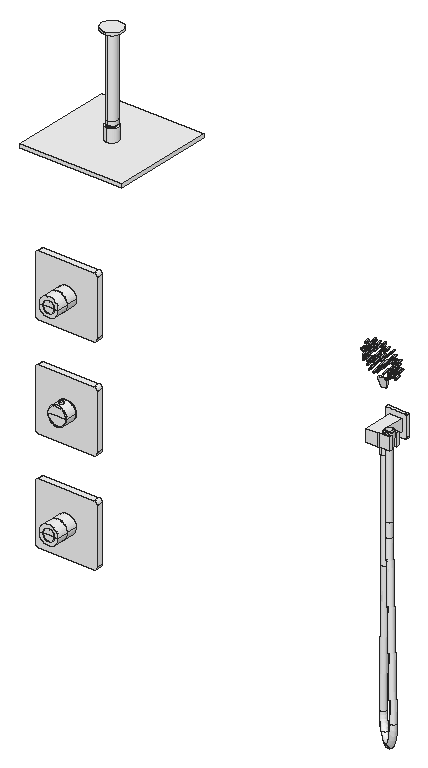
Revit family "Reece_Shower_American Standard_Cygnet_Shower Set_Overhead and Hand Shower_Square", category Plumbing Fixtures, Revit 2018 (continued)
Definition of nested family "Reece_Shower_American Standard_EasySET_Hand Shower Controller_Nested"
  Forms (mm)
    Extrusion 1, solid
      sketch origin (619.2, 20, 0) x (1, 0, 0) y (0, 1, 0)
        loop
          line (-819.2, 180) -> (-819.2, -220) -> (-419.2, -220) -> (-419.2, 180) -> (-819.2, 180)
      from 0 to -35.776
    Extrusion 2, solid, material <- "Reece_Material_Main"
      sketch origin (0, 0, 0) x (1, 0, 0) y (0, 1, 0)
        loop
          arc (-67.5, 75.5) -> (-73.157, 73.157) -> (-75.5, 67.5) r 8
          line (-75.5, 67.5) -> (-75.5, -67.5)
          arc (-75.5, -67.5) -> (-73.157, -73.157) -> (-67.5, -75.5) r 8
          line (-67.5, -75.5) -> (67.5, -75.5)
          arc (67.5, -75.5) -> (73.157, -73.157) -> (75.5, -67.5) r 8
          line (75.5, -67.5) -> (75.5, 67.5)
          arc (75.5, 67.5) -> (73.157, 73.157) -> (67.5, 75.5) r 8
          line (67.5, 75.5) -> (-67.5, 75.5)
      from 0 to 13.5
    Revolve 3, solid, material <- "Reece_Material_Main"
      sketch origin (0, 0, 0) x (1, 0, 0) y (0, 0, 1)
        loop
          line (0, 68.5) -> (-23, 68.5) -> (-23, 41.5) -> (-22, 41.5) -> (-22, 40.5) -> (-23, 40.5) -> (-23, 13.5) -> (0, 13.5) -> (0, 68.5)
        axis (0, 68.5) -> (0, 13.5)
      angle from 0 to 360
    Extrusion 4, void
      sketch origin (0, 0, 0) x (1, 0, 0) y (0, 1, 0)
        loop
          circle (0, 0) r 13.8
        loop
          circle (0, 0) r 14
      from 68 to 69.956
    Extrusion 5, void
      sketch origin (0, 0, 0) x (1, 0, 0) y (0, 1, 0)
        loop
          circle (0, 0) r 22.5
      from 0 to 13.5
  Cuts and joins
    Extrusion 4, Extrusion 5 cuts Extrusion 2
    Extrusion 4 cuts Revolve 3
    joined: Extrusion 2, Revolve 3
  Text (mm)
    text "Reece Copyright © 2018, Reece Ltd." at (-684.407, -223.434, 0), in view "Ref. Level"
    text "Reece ©" at (290.323, 26.521, 334.836), in view "Reece_Preview"
  Dimensions and locks
    plane 5 to plane 4 = 151 mm
    plane 6 to plane 7 = 151 mm
    equal spacing: plane 5, plane 3 "Center (Left/Right)", plane 4
    equal spacing: plane 6, plane 1 "Center (Front/Back)", plane 7
    aligned and locked: Extrusion 1 to plane 2
    aligned and locked: level to Extrusion 1
    aligned and locked: Revolve 3 sketch curve to plane 3 "Center (Left/Right)"
  Automatic sketch dimensions
    Extrusion 1 sketch curve to Extrusion 1 sketch curve = 400 mm  (x2)
    Extrusion 2 sketch curve to plane 5 = 0 mm
    Extrusion 2 sketch curve to plane 7 = 0 mm
    Extrusion 2 sketch curve to plane 6 = 0 mm
    Extrusion 2 sketch curve to plane 4 = 0 mm
    Extrusion 2 sketch curve to plane 5 = 8 mm
    Extrusion 2 sketch curve to Extrusion 2 sketch curve = 8 mm  (x2)
    plane 4 to Extrusion 2 sketch curve = 8 mm
    Revolve 3 sketch curve to plane 3 "Center (Left/Right)" = 0 mm
    Revolve 3 sketch curve to plane 3 "Center (Left/Right)" = 22 mm
    Revolve 3 sketch curve to Revolve 3 sketch curve = 1 mm  (x2)
    Revolve 3 sketch curve to Revolve 3 sketch curve = 0 mm
    level to Revolve 3 sketch curve = 13.5 mm
    Revolve 3 sketch curve to Revolve 3 sketch curve = 27 mm  (x2)
    Revolve 3 sketch curve to level = 6.5 mm
    Revolve 3 sketch curve to Revolve 3 sketch curve = 15 mm
    plane 1 "Center (Front/Back)" to Extrusion 4 sketch curve = 0 mm
    Extrusion 4 sketch curve to plane 3 "Center (Left/Right)" = 0 mm
    Extrusion 4 sketch curve to Extrusion 4 sketch curve = 0 mm  (x2)
    plane 1 "Center (Front/Back)" to Extrusion 5 sketch curve = 0 mm
    Extrusion 5 sketch curve to plane 3 "Center (Left/Right)" = 0 mm
    radius of Extrusion 4 sketch curve = 13.8 mm
    radius of Extrusion 4 sketch curve = 14 mm
    radius of Extrusion 5 sketch curve = 22.5 mm
Definition of nested family "Reece_Shower_American Standard_Cygnet_Shower Hose_Nested"
  Parameters (values of type "Chrome")
    Waste Connection = no
    WFU = 0
    Vent Connection = no
    URL = ""
    Type Comments = ""
    Reece_Visibility_Combination 2 = yes
    Reece_Shower_Visibility_Hand Shower_1 [instance] = yes
    Reece_Material_Main [instance] = none
    Model = ""
    Manufacturer = ""
    Keynote = ""
    HWFU = 0
    HW Connection = no
    Description = ""
    Default Elevation = 0 mm
    Cost = 0
    CWFU = 0
    CW Connection = no
    Assembly Code = ""
  Reference planes
    plane 1 "Center (Front/Back)": y = 0
    plane 2: z = 0
    plane 3 "Center (Left/Right)": x = 0
  Forms (mm)
    Extrusion 1, solid
      sketch origin (619.2, 20, 0) x (1, 0, 0) y (0, 1, 0)
        loop
          line (-819.2, 180) -> (-819.2, -220) -> (-419.2, -220) -> (-419.2, 180) -> (-819.2, 180)
      from 0 to -35.776
    Sweep 2, solid, material <- "Reece_Material_Main", visible <- "Reece_Shower_Visibility_Hand Shower_1"
      path origin (1174.299, -939.701, -100) x (0, 0, 1) y (0.780784, -0.624801, 0)
        loop
          line (100, -1504) -> (395, -1504)
          arc (395, -1504) -> (557.865, -1507.435) -> (720.439, -1517.732) r 3863.135
          arc (720.439, -1517.732) -> (743.921, -1514.048) -> (763.048, -1499.937) r 50
          arc (763.048, -1499.937) -> (771.305, -1475.522) -> (760.982, -1451.905) r 35.722
          arc (760.982, -1451.905) -> (735.356, -1435.998) -> (705.309, -1433.371) r 65
          arc (705.309, -1433.371) -> (509.41, -1455.813) -> (312.46, -1465.337) r 3000
          arc (312.46, -1465.337) -> (295.463, -1465.534) -> (278.465, -1465.6) r 2200
          line (278.465, -1465.6) -> (100, -1465.6)
      profile origin (0, 0, 147.5) x (0.780784, -0.624801, 0) y (0.624801, 0.780784, 0)
        loop
          circle (0, 0) r 7
    Revolve 3, solid, material <- "Reece_Material_Main", visible <- "Reece_Shower_Visibility_Hand Shower_1"
      sketch origin (0, -1484.007, 265) x (0, 0, 1) y (0, -1, 0)
        loop
          line (-245, -1484.007) -> (-245, -1496.007) -> (-235, -1496.007) -> (-235, -1494.007) -> (-215, -1494.007) -> (-215, -1484.007) -> (-245, -1484.007)
        axis (-245, -1484.007) -> (-215, -1484.007)
      angle from 0 to 360
  Text (mm)
    text "Reece Copyright © 2018, Reece Ltd." at (-684.407, -223.434, 0), in view "Ref. Level"
    text "Reece ©" at (290.323, 26.521, 334.836), in view "Reece_Preview"
  Dimensions and locks
    aligned and locked: Extrusion 1 to plane 2
    aligned and locked: level to Extrusion 1
    aligned and locked: level to Sweep 2
    aligned and locked: Sweep 2 to level
    aligned and locked: plane 3 "Center (Left/Right)" to Revolve 3
    aligned and locked: plane 1 "Center (Front/Back)" to Revolve 3 sketch curve
  Automatic sketch dimensions
    Extrusion 1 sketch curve to Extrusion 1 sketch curve = 400 mm  (x2)
    level to Sweep 2 sketch curve = 0 mm  (x2)
    level to Sweep 2 sketch curve = 166.104 mm
    Sweep 2 sketch curve to Sweep 2 sketch curve = 178.465 mm
    level to Sweep 2 sketch curve = 295 mm
    Sweep 2 sketch curve to Sweep 2 sketch curve = 319.825 mm
    Sweep 2 sketch curve to Sweep 2 sketch curve = 9.826 mm
    Sweep 2 sketch curve to Sweep 2 sketch curve = 10.965 mm
    Sweep 2 sketch curve to Sweep 2 sketch curve = 3863.135 mm
    Sweep 2 sketch curve to Sweep 2 sketch curve = 6.329 mm
    Sweep 2 sketch curve to Sweep 2 sketch curve = 20.615 mm
    Sweep 2 sketch curve to Sweep 2 sketch curve = 9.146 mm
    Sweep 2 sketch curve to Sweep 2 sketch curve = 38.4 mm
    Sweep 2 sketch curve to Sweep 2 sketch curve = 2200 mm
    Sweep 2 sketch curve to Sweep 2 sketch curve = 799.904 mm
    Sweep 2 sketch curve to Sweep 2 sketch curve = 0 mm  (x4)
    Sweep 2 sketch curve to profile plane = 0 mm  (x2)
    Revolve 3 sketch curve to plane 1 "Center (Front/Back)" = 0 mm
    level to Revolve 3 sketch curve = 20 mm
    Revolve 3 sketch curve to Revolve 3 sketch curve = 10 mm
    Revolve 3 sketch curve to plane 1 "Center (Front/Back)" = 10 mm
    Revolve 3 sketch curve to Revolve 3 sketch curve = 20 mm
    Revolve 3 sketch curve to Revolve 3 sketch curve = 2 mm
    level to Revolve 3 sketch curve = 8.703 mm
    Revolve 3 sketch curve to Revolve 3 sketch curve = 13.703 mm
    radius of Sweep 2 sketch curve = 7 mm
